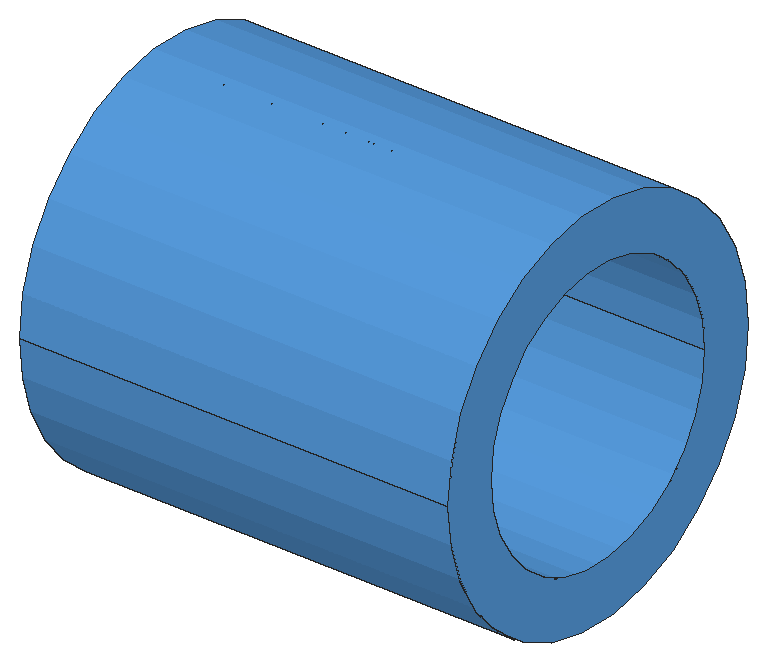
Revit family "BMP_PPR_Socket", category Pipe Fittings, Revit 2024
Family settings
  Round Connector Dimension = Use Diameter
  Part Type = Union
  Work Plane-Based = Yes
  Always vertical = No
  Cut with Voids When Loaded = No
  Shared = No
Parameters (values of type "20 mm")
  Default Elevation = 1219.2 mm
  BMP_Z_mm = 3 mm
  BMP_Z2_mm = 3 mm
  BMP_Start_mm = -BMP_L_mm / 2  # -16 mm
  BMP_Parametric_Revision = "2.0"
  BMP_PN_bar = 20
  BMP_Manufacturer = "Binh Minh Plastics - independent catalogue-based BIM"
  BMP_L_mm = 32 mm
  BMP_H_mm = 16 mm
  BMP_H2_mm = 16 mm
  BMP_Geometry_Note = "Native parametric simplified fitting; editable type dimensions in millimeters."
  BMP_End_mm = BMP_L_mm / 2  # 16 mm
  BMP_D_mm = 28 mm
  BMP_DN_mm = 20 mm
  BMP_DN2_mm = 20 mm
  BMP_D2_mm = 28 mm
  BMP_Catalogue_PDF_Page = "100"
  BMP_Bore_mm = 20 mm
  BMP_Bore2_mm = 20 mm
Types (6, lengths in mm): name | BMP_Z_mm | BMP_Z2_mm | BMP_Start_mm | BMP_L_mm | BMP_H_mm | BMP_H2_mm | BMP_End_mm | BMP_D_mm | BMP_DN_mm | BMP_DN2_mm | BMP_D2_mm | BMP_Bore_mm | BMP_Bore2_mm
  20 mm | 3 | 3 | -16 | 32 | 16 | 16 | 16 | 28 | 20 | 20 | 28 | 20 | 20
  25 mm | 3 | 3 | -17.5 | 35 | 17.5 | 17.5 | 17.5 | 35 | 25 | 25 | 35 | 25 | 25
  32 mm | 5 | 5 | -20.5 | 41 | 20.5 | 20.5 | 20.5 | 43 | 32 | 32 | 43 | 32 | 32
  40 mm | 5 | 5 | -23 | 46 | 23 | 23 | 23 | 52 | 40 | 40 | 52 | 40 | 40
  50 mm | 7 | 7 | -27 | 54 | 27 | 27 | 27 | 64 | 50 | 50 | 64 | 50 | 50
  63 mm | 7 | 7 | -31 | 62 | 31 | 31 | 31 | 82 | 63 | 63 | 82 | 63 | 63
Reference planes
  plane 1 "Center (Front/Back)": y = 0
  plane 2: z = 0
  plane 3 "Center (Left/Right)": x = 0
Forms (mm)
  Extrusion 1, solid, material "BMP_PPR"
    sketch origin (0, 0, 0) x (0, 1, 0) y (0, 0, 1)
      loop
        circle (0, 0) r 14
      loop
        circle (0, 0) r 10
    from -16 <- "BMP_Start_mm" to 16 <- "BMP_End_mm"
Lines and regions (mm)
  reference lines, not visible
    curve 1: line (0, 3000, 0) -> (0, -3000, 0)
    curve 2: line (0, 0, 3000) -> (0, 0, -3000)
Dimensions and locks
  "BMP_D_mm": diameter of Extrusion 1 sketch curve  (x2)
  "BMP_Bore_mm": diameter of Extrusion 1 sketch curve  (x2)
  aligned and locked: level to plane 2
  aligned and locked: curve 1 to Extrusion 1 sketch curve  (x2)
  aligned and locked: curve 2 to Extrusion 1 sketch curve  (x2)
Automatic sketch dimensions
  curve 1 to level = 0 mm
  plane 1 "Center (Front/Back)" to curve 1 = 3000 mm
  curve 1 to plane 1 "Center (Front/Back)" = 3000 mm
  curve 2 to plane 1 "Center (Front/Back)" = 0 mm
  curve 2 to level = 3000 mm
  level to curve 2 = 3000 mm
Connectors
  piping at (-16, 0, 0), diameter 20, driven by "BMP_DN_mm"
    settings: on Extrusion 1, index 1, connector inside diameter 609.6 mm, connector length 0 mm, flow factor 0, pipe flow 0.0 L/s, pressure drop 0.0 Pa, fitting loss kfactor 0, connector angle 0.00°, fixture units 0, engagement length 0 mm, angle of deflection 0.00°, flow configuration 0, flow direction 0, fitting loss method 0, system type 28, joint type 0, gender type 0, connector reference index 2, connector utility 0, adjustable connector no, is connector primary yes, connector description ""
  piping at (16, 0, 0), diameter 20, driven by "BMP_DN_mm"
    settings: on Extrusion 1, index 2, connector inside diameter 609.6 mm, connector length 0 mm, flow factor 0, pipe flow 0.0 L/s, pressure drop 0.0 Pa, fitting loss kfactor 0, connector angle 0.00°, fixture units 0, engagement length 0 mm, angle of deflection 0.00°, flow configuration 0, flow direction 0, fitting loss method 0, system type 28, joint type 0, gender type 0, connector reference index 1, connector utility 0, adjustable connector no, is connector primary no, connector description ""
